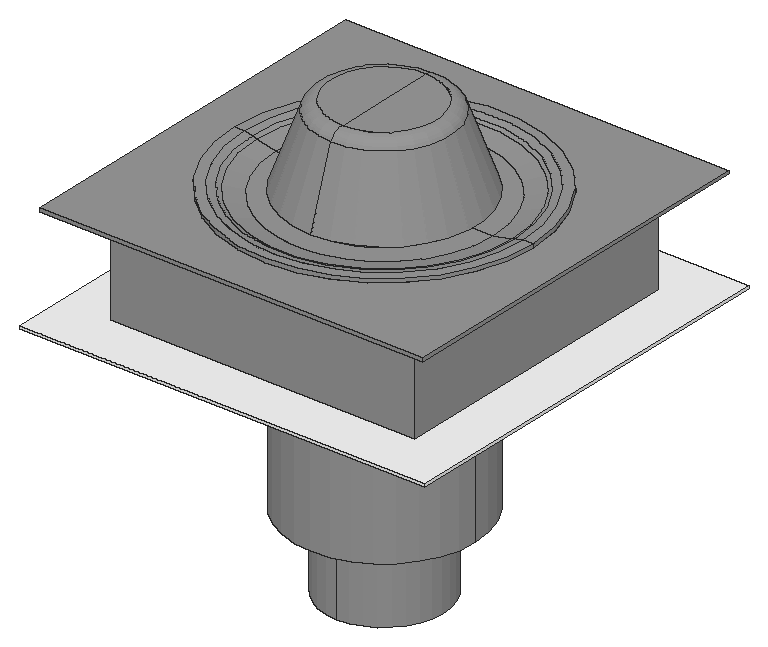
Revit family "HL_Dachablauf_HL63-B-221103", category Instalační zařizovací předměty, Revit 2021
Family settings
  Kóta kulaté spojky = Použít průměr
  Typ dílu = Normální
  Číslo OmniClass = 23.70.50.21.24.14
  Nadpis OmniClass = Deck Waste Water Drains
  Založené na pracovní rovině = Ne
  Vždy vertikální = Ano
  Ořezat dutým tvarem při načtení = Ne
  Sdílené = Ne
  Bod výpočtu místnosti = Ano
Parameters (values of type "HL_Dachablauf_HL63_1")
  Výchozí výška = 0 mm
  Výrobce = "HL Hutterer & Lechner GmbH"  # constant formula
  VOLUMENSTROM [instance] = 0.0 L/s
  URL = "http://www.hutterer-lechner.com/de/products/catalog/roof-drains/HL63/1.aspx"
  RECHTSAUSKUNFT = "Urheberrechte (©), Designrechte und alle anderen Rechte am geistigen Eigentum, sind ausschließlich Eigentum der Firma HL Hutterer&Lechner GmbH. Änderungen sind nicht gestattet. Die Familien (Teile) sind mit Wasserzeichen geschützt."
  MATERIAL = "PP"
  LEISTUNG = "8,7 l/s"
  GEWICHT = "3,08 [kg]"
  EINLAUFROST = "Laubfangkorb d 145 mm"
  EINBAUHÖHE = "266_326 mm"
  EAN = "9003076816309"
  DURCHMESSER = 110 mm
  DIMENSION = "DN110"
  Abdeckung Material [instance] = none
  Přípoj ventilace = no
  Přípoj odpadních dílů = yes
  Přípoj HW = no
  Přípoj CW = no
  Popis = "Dachabläufe"
  Model = "HL63_1"
  Assembly Code = " "
  Komentáře k typům = "HL63/1 Dachablauf DrainBox DN110 mit Klemmelement,"
  Keynote = "HL63_1"
  Einbauhöhe [instance] = 100 mm
  G [instance] = 180.00°  # constant formula
  D [instance] = 236 mm
  C [instance] = if(Einbauhöhe - 68 mm < 0 mm, 0 mm, Einbauhöhe - 68 mm)  # 32 mm
  B [instance] = 100 mm  # constant formula
  A [instance] = if(B - 100 mm > 15 mm, B - 100 mm, 15 mm)  # 15 mm
Types (4, lengths in mm): name | URL | LEISTUNG | GEWICHT | EAN | DURCHMESSER | DIMENSION | Model | Komentáře k typům | Keynote
  (no name) | "http://www.hutterer-lechner.com/de/products/catalog/roof-drains/HL63/7.aspx" | "8,6 l/s" | "3,05 [kg]" | "9003076806300" | 75 | "DN75" | "HL63_7" | "HL63/7 Dachablauf DrainBox DN75 mit Klemmelement," | "HL63_7"
  HL_Dachablauf_HL63_1 | "http://www.hutterer-lechner.com/de/products/catalog/roof-drains/HL63/1.aspx" | "8,7 l/s" | "3,08 [kg]" | "9003076816309" | 110 | "DN110" | "HL63_1" | "HL63/1 Dachablauf DrainBox DN110 mit Klemmelement," | "HL63_1"
  HL_Dachablauf_HL63_2 | "http://www.hutterer-lechner.com/de/products/catalog/roof-drains/HL63/2.aspx" | "12,2 l/s" | "3,1 [kg]" | "9003076826308" | 125 | "DN125" | "HL63_2" | "HL63/2 Dachablauf DrainBox DN125 mit Klemmelement," | "HL63_2"
  HL_Dachablauf_HL63_7 | "http://www.hutterer-lechner.com/de/products/catalog/roof-drains/HL63/7.aspx" | "8,6 l/s" | "3,05 [kg]" | "9003076806300" | 75 | "DN75" | "HL63_7" | "HL63/7 Dachablauf DrainBox DN75 mit Klemmelement," | "HL63_7"
Reference planes
  plane 1 "Center (Front/Back)": y = 0
  plane 2: z = 0
  plane 3 "Center (Left/Right)": x = 0
  plane 4: z = -100
  plane 5: z = -100
Lines and regions (mm)
  model lines, style "InvisibleLines"
    curve 1: line (0, 0, 0) -> (0, 0, 20)
  model lines, style "PlumbingFixtures", detail levels coarse+medium
    curve 2: line (0, 0, -100) -> (0, 0, -85)
    curve 3: line (0, 0, -85) -> (-85, 0, 0)
    curve 4: line (0, 0, -85) -> (85, 0, 0)
    curve 6: line (0, 0, -100) -> (0, 0, -336)
  reference lines, not visible
    curve 5: line (0, 0, -100) -> (0, 0, -336)
  symbolic lines, style "PlumbingFixtures", detail levels coarse+medium
    curve 7: line (-75, 75, 0) -> (75, 75, 0)
    curve 8: line (-75, -75, 0) -> (-75, 75, 0)
    curve 9: line (75, -75, 0) -> (-75, -75, 0)
    curve 10: line (75, 75, 0) -> (75, -75, 0)
    curve 11: line (-75, 75, 0) -> (-145.711, 145.711, 0)
    curve 12: line (75, 75, 0) -> (145.711, 145.711, 0)
    curve 13: line (-75, -75, 0) -> (-145.711, -145.711, 0)
    curve 14: line (75, -75, 0) -> (145.711, -145.711, 0)
  symbolic lines, style "PlumbingFixtures", not visible, detail levels coarse+medium
    curve 15: line (-75, 75, 0) -> (75, 75, 0)
    curve 16: line (-75, -75, 0) -> (-75, 75, 0)
    curve 17: line (75, -75, 0) -> (-75, -75, 0)
    curve 18: line (75, 75, 0) -> (75, -75, 0)
    curve 19: line (-75, 75, 0) -> (-145.711, 145.711, 0)
    curve 20: line (75, 75, 0) -> (145.711, 145.711, 0)
    curve 21: line (-75, -75, 0) -> (-145.711, -145.711, 0)
    curve 22: line (75, -75, 0) -> (145.711, -145.711, 0)
Text (mm)
  text "FLOOR" at (-162.344, 0, -10.979), in view "Drain Construction View"
Dimensions and locks
  "B": plane 2 to plane 4
  "Einbauhöhe": plane 2 to plane 5
  "A": curve 4 to plane 4
  "D": curve 5 to curve 5
  "D": curve 6 to curve 6
  locked: curve 4 to plane 3 "Center (Left/Right)" (angle 45.00°)
  locked: plane 3 "Center (Left/Right)" to curve 3 (angle 45.00°)
  "G": angle curve 5 to plane 3 "Center (Left/Right)"
  aligned and locked: level to plane 2
  aligned and locked: plane 2 to curve 4
  aligned and locked: plane 2 to curve 3
  aligned and locked: plane 4 to curve 5
  aligned and locked: plane 3 "Center (Left/Right)" to curve 5
  aligned and locked: plane 4 to curve 2
  aligned and locked: curve 6 to plane 3 "Center (Left/Right)"
  aligned and locked: curve 6 to plane 4
  aligned and locked: nested 1 to plane 2
  aligned and locked: nested 1 to plane 3 "Center (Left/Right)"
  aligned and locked: plane 2 to nested 2
  aligned and locked: plane 3 "Center (Left/Right)" to nested 2
Automatic sketch dimensions
  curve 2 to plane 3 "Center (Left/Right)" = 0 mm
  curve 1 to plane 3 "Center (Left/Right)" = 0 mm
  curve 1 to level = 0 mm
  level to curve 1 = 20 mm
Nested families
  nested 1: "HL_Dachablaufkörper_HL63" at (0, 0, 0), DURCHMESSER <- "DURCHMESSER", EInbauhöhe <- "Einbauhöhe", type "HL_Dachablaufkörper_HL63"
    with L2 2.5 mm, L 100 mm, IHmin 266 mm, IHmax 326 mm, EInbauhöhe 100 mm, DURCHMESSER 110 mm
  nested 2: "HL_Zubehör_HL062.1E" at (0, 0, 0), type "HL_Zubehör_HL062.1E"
Connectors
  piping at (0, 0, -336), diameter 110, driven by "VOLUMENSTROM", driven by "DURCHMESSER"
    settings: on curve 5, index 1, connector inside diameter 609.6 mm, connector length 0 mm, flow factor 0, pipe flow 0.0 L/s, pressure drop 0.0 Pa, fitting loss kfactor 0, connector angle 0.00°, fixture units 0, engagement length 0 mm, angle of deflection 0.00°, flow configuration 1, flow direction 2, fitting loss method 0, system type 16, joint type 0, gender type 0, connector reference index -1, connector utility 0, adjustable connector yes, is connector primary yes, connector description ""
Definition of nested family "HL_Dachablaufkörper_HL63"
  Parameters (values of type "HL_Dachablaufkörper_HL63")
    Default Elevation = 0 mm
    Manufacturer = ""
    URL = ""
    Description = ""
    Model = ""
    L2 [instance] = if((L = 0 mm), 0 mm, 2.5 mm)  # 2.5 mm
    L [instance] = if(EInbauhöhe < (IHmin - 166 mm), 0 mm, if(EInbauhöhe > (IHmax - 166 mm) + 0.1 mm, 0 mm, EInbauhöhe + 0 mm))  # 100 mm
    Type Comments = ""
    EInbauhöhe [instance] = 100 mm
    IHmin [instance] = 266 mm
    IHmax [instance] = 326 mm
    DURCHMESSER [instance] = 75 mm
    Cost = 0
  Reference planes
    plane 1 "Střed (vpředu/vzadu)": y = 0
    plane 2: z = 0
    plane 3 "Střed (vlevo/vpravo)": x = 0
  Forms (mm)
    Revolve 1, solid, detail levels fine
      sketch origin (0, 0, 0) x (1, 0, 0) y (0, 0, 1)
        loop
          line (-139.449, 3.483) -> (-139.449, 0) -> (-123.733, 0) -> (-80.656, -22.905) -> (-75.619, -30.372) -> (-74.528, -30.372) -> (-74.528, -25.503) -> (-75.876, -24.372) -> (-76.883, -24.372) -> (-78.919, -22.336) -> (-78.919, -6.4) -> (-80.811, -3.372) -> (-101.774, -3.372) -> (-119.623, 0.422) -> (-123.286, 1.828) -> (-130.458, 3.483) -> (-139.449, 3.483)
        axis (0, 3.483) -> (0, -30.372)
      angle from 0 to 360
    Revolve 2, solid, detail levels fine
      sketch origin (0, 0, 0) x (1, 0, 0) y (0, 0, 1)
        loop
          line (0, -270.998) -> (0, -79.034) -> (-59.734, -79.034) -> (-78.037, -37.925) -> (-78.037, -28.716) -> (-85.605, -28.716) -> (-85.605, -99.5) -> (-85.605, -265.5) -> (-67.117, -265.5) -> (-67.117, -270.998) -> (0, -270.998)
        axis (0, -28.716) -> (0, -270.998)
      angle from 0 to 360
    Extrusion 3, solid, detail levels fine
      sketch origin (0, 0, 0) x (1, 0, 0) y (0, 1, 0)
        loop
          line (179, 179) -> (-179, 179) -> (-179, -179) -> (179, -179) -> (179, 179)
        loop
          circle (0, 0) r 140
      from 0 to -3
    Extrusion 4, solid, detail levels fine
      sketch origin (0, 0, -3) x (0, 1, 0) y (1, 0, 0)
        loop
          line (142, -142) -> (142, 142) -> (-142, 142) -> (-142, -142) -> (142, -142)
        loop
          line (137.815, -138.15) -> (137.815, 138.393) -> (-138.16, 138.393) -> (-138.16, -138.15) -> (137.815, -138.15)
      from 0 to 94
    Extrusion 5, solid, detail levels fine
      sketch origin (0, 189, -100) x (0, -1, 0) y (1, 0, 0)
        loop
          line (0, -189) -> (378, -189) -> (378, 189) -> (0, 189) -> (0, -189)
      from 0 to 2.5 <- "L2"
    Extrusion 6, solid, detail levels fine
      sketch origin (0, 189, -97.5) x (0, -1, 0) y (1, 0, 0)
        loop
          line (327.16, 138.393) -> (51.185, 138.393) -> (51.185, -138.15) -> (327.16, -138.15) -> (327.16, 138.393)
        loop
          line (58.811, -130.38) -> (318.811, -130.38) -> (318.811, 130.965) -> (58.811, 130.965) -> (58.811, -130.38)
      from 0 to 60
    Extrusion 7, solid, detail levels fine
      sketch origin (0, 0, -270.998) x (0, 1, 0) y (1, 0, 0)
        loop
          circle (0, 0) r 37.5
      from 0 to 65
  Lines and regions (mm)
    reference lines
      curve 1: line (0, 189, -100) -> (0, -246, -100)
  Dimensions and locks
    "L": curve 1 to plane 2
    "DURCHMESSER": diameter of Extrusion 7 sketch curve
    aligned and locked: level to plane 2
  Automatic sketch dimensions
    Revolve 1 sketch curve to level = 0 mm
    Revolve 1 sketch curve to plane 3 "Střed (vlevo/vpravo)" = 0 mm
    Revolve 1 sketch curve to level = 30.372 mm
    Revolve 1 sketch curve to plane 3 "Střed (vlevo/vpravo)" = 74.528 mm
    Revolve 1 sketch curve to Revolve 1 sketch curve = 1.091 mm
    Revolve 1 sketch curve to level = 24.372 mm
    Revolve 1 sketch curve to Revolve 1 sketch curve = 1.348 mm
    Revolve 1 sketch curve to Revolve 1 sketch curve = 1.008 mm
    Revolve 1 sketch curve to Revolve 1 sketch curve = 2.036 mm
    Revolve 1 sketch curve to level = 22.905 mm
    Revolve 1 sketch curve to Revolve 1 sketch curve = 1.736 mm
    Revolve 1 sketch curve to Revolve 1 sketch curve = 1.892 mm
    Revolve 1 sketch curve to level = 3.372 mm
    Revolve 1 sketch curve to Revolve 1 sketch curve = 20.963 mm
    level to Revolve 1 sketch curve = 0.422 mm
    Revolve 1 sketch curve to Revolve 1 sketch curve = 17.849 mm
    level to Revolve 1 sketch curve = 1.828 mm
    Revolve 1 sketch curve to Revolve 1 sketch curve = 3.663 mm
    Revolve 1 sketch curve to Revolve 1 sketch curve = 0.447 mm
    level to Revolve 1 sketch curve = 3.483 mm
    Revolve 1 sketch curve to Revolve 1 sketch curve = 7.172 mm
    Revolve 1 sketch curve to Revolve 1 sketch curve = 8.991 mm
    Revolve 1 sketch curve to Revolve 1 sketch curve = 1.131 mm
    Revolve 1 sketch curve to Revolve 1 sketch curve = 0.569 mm
    Revolve 1 sketch curve to Revolve 1 sketch curve = 3.027 mm
    Revolve 1 sketch curve to Revolve 1 sketch curve = 269.628 mm
    level to Revolve 1 sketch curve = 295.621 mm
    plane 1 "Střed (vpředu/vzadu)" to Extrusion 3 sketch curve = 0 mm
    Extrusion 3 sketch curve to plane 3 "Střed (vlevo/vpravo)" = 0 mm
    Extrusion 3 sketch curve to plane 3 "Střed (vlevo/vpravo)" = 179 mm
    plane 3 "Střed (vlevo/vpravo)" to Extrusion 3 sketch curve = 179 mm
    plane 1 "Střed (vpředu/vzadu)" to Extrusion 3 sketch curve = 179 mm
    Extrusion 3 sketch curve to plane 1 "Střed (vpředu/vzadu)" = 179 mm
    Extrusion 3 to Extrusion 4 sketch curve = 37 mm  (x2)
    Extrusion 4 sketch curve to Extrusion 4 sketch curve = 3.84 mm
    Extrusion 3 to Extrusion 4 sketch curve = 41.185 mm
    Extrusion 4 sketch curve to Extrusion 4 sketch curve = 4.185 mm
    Extrusion 4 sketch curve to Extrusion 4 sketch curve = 3.607 mm
    Extrusion 3 to Extrusion 4 sketch curve = 40.85 mm
    Extrusion 4 sketch curve to Extrusion 4 sketch curve = 3.85 mm
    curve 1 to Extrusion 5 sketch curve = 0 mm
    Extrusion 5 sketch curve to curve 1 = 189 mm
    curve 1 to Extrusion 5 sketch curve = 189 mm
    Extrusion 5 sketch curve to curve 1 = 57 mm
    Extrusion 6 sketch curve to Extrusion 5 = 51.185 mm
    Extrusion 6 sketch curve to Extrusion 6 sketch curve = 7.626 mm
    Extrusion 6 sketch curve to Extrusion 5 = 59.189 mm
    Extrusion 6 sketch curve to Extrusion 6 sketch curve = 8.349 mm
    Extrusion 6 sketch curve to Extrusion 5 = 50.85 mm
    Extrusion 6 sketch curve to Extrusion 6 sketch curve = 7.77 mm
    Extrusion 6 sketch curve to Extrusion 5 = 58.035 mm
    Extrusion 6 sketch curve to Extrusion 6 sketch curve = 7.428 mm
    Revolve 2 sketch curve to plane 3 "Střed (vlevo/vpravo)" = 0 mm  (x2)
    Revolve 2 sketch curve to plane 3 "Střed (vlevo/vpravo)" = 59.734 mm
    Revolve 2 sketch curve to plane 3 "Střed (vlevo/vpravo)" = 67.117 mm
    Revolve 2 sketch curve to Revolve 2 sketch curve = 18.303 mm
    Revolve 2 sketch curve to Revolve 2 sketch curve = 7.569 mm
    Revolve 2 sketch curve to level = 270.998 mm
    Revolve 2 sketch curve to Revolve 2 sketch curve = 5.498 mm
    Revolve 2 sketch curve to level = 99.5 mm
    Revolve 2 sketch curve to level = 79.034 mm
    Revolve 2 sketch curve to level = 37.925 mm
    Revolve 2 sketch curve to Revolve 2 sketch curve = 9.209 mm
    Revolve 2 sketch curve to Revolve 2 sketch curve = 29.002 mm
    level to Revolve 2 sketch curve = 295.621 mm
    plane 1 "Střed (vpředu/vzadu)" to curve 1 = 246 mm
    curve 1 to plane 1 "Střed (vpředu/vzadu)" = 189 mm
    Extrusion 7 sketch curve to Revolve 2 = 0 mm
    radius of Extrusion 3 sketch curve = 140 mm
Definition of nested family "HL_Zubehör_HL062.1E"
  Parameters (values of type "HL_Zubehör_HL062.1E")
    Default Elevation = 0 mm
    Manufacturer = "HL Hutterer & Lechner GmbH"
    URL = "http://www.hutterer-lechner.com/de/products/catalog/roof-drains/HL062.1E.aspx"
    Abdeckung Material = none
    RECHTSAUSKUNFT = "Urheberrechte (©), Designrechte und alle anderen Rechte am geistigen Eigentum, sind ausschließlich Eigentum der Firma HL Hutterer&Lechner GmbH. Änderungen sind nicht gestattet. Die Familien (Teile) sind mit Wasserzeichen geschützt."
    Description = "Dachabläufe"
    Model = "HL062.1E"
    Type Comments = "HL062.1E, Laubfangkorb"
    Keynote = "HL062.1E"
    GEWICHT = "0,097 [kg]"
    Volumenstrom [instance] = 0.0 L/s
    EAN = "9003076006212"
    Cost = 0
  Values of the unnamed type that differ from the named types
    Manufacturer = ""
    URL = ""
    RECHTSAUSKUNFT = ""
    Description = ""
    Model = ""
    Type Comments = "HL062.1E, domed plastic grate"
    Keynote = ""
  Reference planes
    plane 1 "Střed (vpředu/vzadu)": y = 0
    plane 2: z = 0
    plane 3 "Střed (vlevo/vpravo)": x = 0
  Forms (mm)
    Revolve 1, solid, detail levels fine
      sketch origin (0, 0, 0) x (0, 1, 0) y (0, 0, 1)
        loop
          line (0, 75) -> (0, 60.2) -> (47.074, 60.2) -> (68.985, 0) -> (86.249, 0) -> (61.992, 66.646)
          arc (61.992, 66.646) -> (56.733, 72.731) -> (49.016, 75) r 14.255
          line (49.016, 75) -> (0, 75)
        axis (0, 75) -> (0, 0)
      angle from 0 to 360
    Extrusion 2, solid, detail levels fine
      sketch origin (0, 0, 0) x (0, 1, 0) y (1, 0, 0)
        loop
          circle (0, 0) r 78.587
        loop
          circle (0, 0) r 70.981
      from 0 to 16.7
    Extrusion 3, solid, detail levels fine
      sketch origin (0, 0, -16.7) x (-1, 0, 0) y (0, 1, 0)
        loop
          circle (0, 0) r 70
        loop
          circle (0, 0) r 74.546
      from 0 to 12.3
  Dimensions and locks
    aligned and locked: level to plane 2
